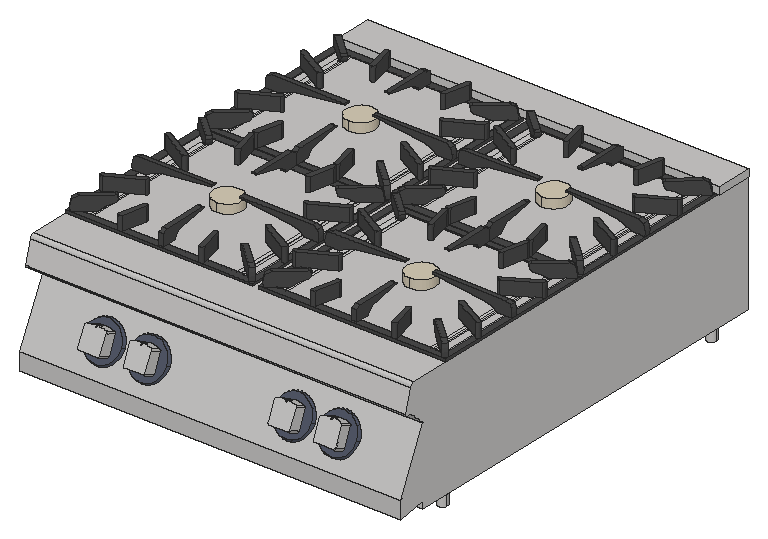
Revit family "QF_ZANUSSI_392003_Z9GCGH4S0M", category Specialty Equipment, Revit 2018 (continued)
Definition of nested family "QF_392003_BURNER"
  Lines and regions (mm)
    symbolic lines
      curve 88: line (45.799, -40, 150) -> (45.799, -15, 150)
      curve 89: line (45.799, -108.607, 150) -> (45.799, -40, 150)
      curve 90: line (15, -20.286, 0) -> (15, -91.684, 0)
      curve 91: line (15, -103.094, 0) -> (15, -170.397, 0)
      curve 92: line (45.799, -170.397, 150) -> (45.799, -120.018, 150)
      curve 93: line (45.799, -235.582, 150) -> (45.799, -180.397, 150)
      curve 94: line (15, -263.916, 150) -> (15, -335.314, 150)
      curve 95: line (45.799, -307.496, 150) -> (45.799, -246.993, 150)
      curve 96: line (116.378, -350.325, 0) -> (127.56, -301.889, 0)
      curve 97: arc (127.56, -301.889, 0) -> (123.813, -295.892, 0) -> (117.816, -299.64, 0) r 5
      curve 98: line (117.816, -299.64, 0) -> (106.634, -348.076, 0)
      curve 99: arc (106.634, -348.076, 0) -> (110.381, -354.072, 0) -> (116.378, -350.325, 0) r 5
      curve 100: line (266.14, -301.889, 0) -> (277.322, -350.325, 0)
      curve 101: arc (277.322, -350.325, 0) -> (283.319, -354.072, 0) -> (287.066, -348.076, 0) r 5
      curve 102: line (287.066, -348.076, 0) -> (275.884, -299.64, 0)
      curve 103: arc (275.884, -299.64, 0) -> (269.887, -295.892, 0) -> (266.14, -301.889, 0) r 5
      curve 104: line (275.884, -55.96, 0) -> (287.066, -7.524, 0)
      curve 105: arc (287.066, -7.524, 0) -> (283.319, -1.528, 0) -> (277.322, -5.275, 0) r 5
      curve 106: line (277.322, -5.275, 0) -> (266.14, -53.711, 0)
      curve 107: arc (266.14, -53.711, 0) -> (269.887, -59.708, 0) -> (275.884, -55.96, 0) r 5
      curve 108: line (127.56, -53.711, 0) -> (116.378, -5.275, 0)
      curve 109: arc (116.378, -5.275, 0) -> (110.381, -1.528, 0) -> (106.634, -7.524, 0) r 5
      curve 110: line (106.634, -7.524, 0) -> (117.816, -55.96, 0)
      curve 111: arc (117.816, -55.96, 0) -> (123.813, -59.708, 0) -> (127.56, -53.711, 0) r 5
  Dimensions and locks
    equal spacing: plane 3 "LEFT", plane 7 "Center Y", plane 4 "RIGHT"
    plane 3 "LEFT" to plane 4 "RIGHT" = 393.7 mm
    equal spacing: plane 5 "FRONT", plane 8 "Center X", plane 1 "BACK"
    plane 5 "FRONT" to plane 1 "BACK" = 355.6 mm
    plane 6 "TOP" to level = 908.85 mm
    plane 9 "Base" to level = 150 mm
    plane 6 "TOP" to plane 10 = 58 mm  (x2)
    locked: Extrusion 4 sketch curve to plane 7 "Center Y" at 0
    aligned and locked: level to plane 2
  Automatic sketch dimensions
    curve 10 to plane 4 "RIGHT" = 0 mm
    curve 20 to plane 7 "Center Y" = 0 mm
    curve 19 to plane 7 "Center Y" = 0 mm
    curve 9 to plane 3 "LEFT" = 0 mm
    plane 1 "BACK" to curve 2 = 0 mm
    plane 1 "BACK" to curve 3 = 0 mm
    plane 5 "FRONT" to curve 2 = 0 mm
    curve 4 to plane 4 "RIGHT" = 24.067 mm
    curve 59 to plane 4 "RIGHT" = 24.067 mm
    plane 1 "BACK" to curve 37 = 15 mm
    plane 7 "Center Y" to curve 37 = 52.075 mm
    curve 37 to curve 7 = 12.7 mm
    curve 7 to curve 35 = 6.35 mm
    plane 8 "Center X" to curve 15 = 2.35 mm
    curve 35 to curve 15 = 1.6 mm
    plane 7 "Center Y" to curve 23 = 16.236 mm
    curve 23 to curve 23 = 0 mm
    curve 23 to curve 23 = 2.56 mm
    curve 23 to curve 24 = 4.607 mm
    plane 7 "Center Y" to curve 86 = 5 mm
    plane 7 "Center Y" to curve 27 = 5 mm
    curve 22 to plane 7 "Center Y" = 8.531 mm
    curve 22 to curve 25 = 4.597 mm
    curve 25 to curve 25 = 2.194 mm  (x2)
    curve 9 to plane 8 "Center X" = 2.597 mm
    curve 17 to curve 9 = 24.626 mm
    curve 21 to curve 34 = 28.025 mm
    curve 34 to curve 6 = 6.35 mm
    plane 8 "Center X" to curve 36 = 7.403 mm
    curve 6 to curve 36 = 12.7 mm
    plane 3 "LEFT" to curve 12 = 45.799 mm
    plane 3 "LEFT" to curve 87 = 24.067 mm
    plane 3 "LEFT" to curve 5 = 24.067 mm
    plane 1 "BACK" to curve 26 = 0.794 mm
    curve 28 to curve 86 = 3.993 mm
    curve 28 to curve 21 = 3.993 mm
    curve 86 to curve 22 = 14.042 mm
    curve 22 to curve 24 = 0.81 mm
    curve 22 to curve 23 = 17.925 mm
    curve 25 to curve 22 = 3.035 mm
    plane 8 "Center X" to curve 26 = 43.244 mm
    curve 15 to curve 15 = 5.054 mm
    plane 8 "Center X" to curve 17 = 1.126 mm
    curve 94 to curve 12 = 5.286 mm
    curve 58 to plane 5 "FRONT" = 15 mm
    curve 59 to plane 5 "FRONT" = 15 mm
    curve 8 to plane 5 "FRONT" = 5.6 mm
    plane 3 "LEFT" to Extrusion 1 sketch curve = 0.709 mm
    plane 3 "LEFT" to Extrusion 1 sketch curve = 3.327 mm
    Extrusion 1 sketch curve to Extrusion 1 sketch curve = 10.201 mm
    plane 10 to Extrusion 1 sketch curve = 5 mm  (x2)
    Extrusion 1 sketch curve to Extrusion 1 sketch curve = 29.447 mm
    Extrusion 1 sketch curve to Extrusion 1 sketch curve = 12.704 mm  (x2)
    Extrusion 1 sketch curve to Extrusion 1 sketch curve = 15.555 mm  (x2)
    plane 3 "LEFT" to Extrusion 1 sketch curve = 79.689 mm
    Extrusion 1 sketch curve to plane 7 "Center Y" = 30.161 mm
    Extrusion 1 sketch curve to Extrusion 1 sketch curve = 0.167 mm  (x2)
    plane 7 "Center Y" to Extrusion 1 sketch curve = 29.994 mm
    Extrusion 1 sketch curve to plane 4 "RIGHT" = 79.689 mm
    plane 10 to Extrusion 1 sketch curve = 18.171 mm
    Extrusion 1 sketch curve to plane 4 "RIGHT" = 58.415 mm
    Extrusion 1 sketch curve to plane 4 "RIGHT" = 13.528 mm
    Extrusion 1 sketch curve to plane 4 "RIGHT" = 3.327 mm
    Extrusion 1 sketch curve to plane 4 "RIGHT" = 0.709 mm
    Extrusion 1 sketch curve to Extrusion 1 sketch curve = 23.902 mm  (x2)
    Extrusion 1 sketch curve to plane 6 "TOP" = 26.807 mm  (x2)
    Extrusion 1 sketch curve to Extrusion 1 sketch curve = 1.185 mm  (x2)
    Extrusion 1 sketch curve to Extrusion 1 sketch curve = 5.694 mm
    Extrusion 2 sketch curve to plane 1 "BACK" = 0 mm
    plane 1 "BACK" to Extrusion 2 sketch curve = 10.213 mm
    plane 10 to Extrusion 2 sketch curve = 5 mm  (x2)
    plane 1 "BACK" to Extrusion 2 sketch curve = 29.066 mm
    plane 10 to Extrusion 2 sketch curve = 20.886 mm
    Extrusion 2 sketch curve to Extrusion 2 sketch curve = 22.688 mm  (x2)
    Extrusion 2 sketch curve to plane 10 = 7.392 mm  (x2)
    Extrusion 2 sketch curve to plane 6 "TOP" = 24.425 mm
    Extrusion 2 sketch curve to Extrusion 2 sketch curve = 51.752 mm
    Extrusion 2 sketch curve to plane 6 "TOP" = 26.807 mm  (x2)
    Extrusion 2 sketch curve to Extrusion 2 sketch curve = 0.167 mm  (x2)
    Extrusion 2 sketch curve to plane 8 "Center X" = 68.528 mm
    Extrusion 2 sketch curve to plane 5 "FRONT" = 60.248 mm
    Extrusion 2 sketch curve to Extrusion 2 sketch curve = 2.895 mm
    Extrusion 2 sketch curve to plane 5 "FRONT" = 15.813 mm
    Extrusion 2 sketch curve to plane 5 "FRONT" = 5.6 mm
    Extrusion 2 sketch curve to Extrusion 2 sketch curve = 4.731 mm
    Extrusion 2 sketch curve to Extrusion 2 sketch curve = 23.844 mm
    Extrusion 2 sketch curve to Extrusion 2 sketch curve = 1.185 mm
    plane 1 "BACK" to Extrusion 3 sketch curve = 0 mm
    Extrusion 3 sketch curve to plane 3 "LEFT" = 0 mm
    plane 5 "FRONT" to Extrusion 3 sketch curve = 0 mm
    Extrusion 3 sketch curve to plane 4 "RIGHT" = 0 mm
    plane 1 "BACK" to Extrusion 3 sketch curve = 15 mm
    Extrusion 3 sketch curve to plane 5 "FRONT" = 15 mm
    plane 3 "LEFT" to Extrusion 3 sketch curve = 15 mm
    Extrusion 3 sketch curve to plane 4 "RIGHT" = 15 mm
    Extrusion 3 to Extrusion 4 sketch curve = 159.603 mm
    Extrusion 5 sketch curve to plane 10 = 0 mm
    plane 3 "LEFT" to Extrusion 5 sketch curve = 15 mm
    Extrusion 5 sketch curve to Extrusion 5 sketch curve = 14.402 mm
    plane 10 to Extrusion 5 sketch curve = 5 mm
    Extrusion 5 sketch curve to Extrusion 5 sketch curve = 15.156 mm
    plane 10 to Extrusion 5 sketch curve = 2.933 mm  (x3)
    Extrusion 5 sketch curve to Extrusion 5 sketch curve = 7.716 mm  (x2)
    Extrusion 5 sketch curve to Extrusion 5 sketch curve = 0 mm  (x3)
    Extrusion 5 sketch curve to Extrusion 5 sketch curve = 1.692 mm  (x2)
    Extrusion 5 sketch curve to Extrusion 5 sketch curve = 3.385 mm  (x2)
    Extrusion 5 sketch curve to plane 10 = 3.559 mm  (x2)
    plane 10 to Extrusion 5 sketch curve = 3.679 mm
    Extrusion 5 sketch curve to plane 4 "RIGHT" = 45.799 mm
    Extrusion 5 sketch curve to Extrusion 5 sketch curve = 1.143 mm
    Extrusion 5 sketch curve to plane 10 = 13.244 mm
    Extrusion 5 sketch curve to plane 4 "RIGHT" = 15 mm
    plane 10 to Extrusion 6 sketch curve = 5 mm  (x2)
    Extrusion 6 sketch curve to Extrusion 6 sketch curve = 2.692 mm  (x2)
    Extrusion 6 sketch curve to Extrusion 6 sketch curve = 10.213 mm  (x2)
    plane 10 to Extrusion 6 sketch curve = 12.281 mm
    Extrusion 6 sketch curve to Extrusion 6 sketch curve = 29.348 mm  (x2)
    Extrusion 6 sketch curve to Extrusion 6 sketch curve = 3.155 mm  (x2)
    Extrusion 6 sketch curve to Extrusion 6 sketch curve = 22.572 mm
    Extrusion 6 sketch curve to Extrusion 6 sketch curve = 8.81 mm
    Extrusion 6 sketch curve to Extrusion 6 sketch curve = 9.845 mm  (x2)
    Extrusion 6 sketch curve to Extrusion 6 sketch curve = 3.99 mm  (x2)
    Extrusion 6 sketch curve to Extrusion 6 sketch curve = 0 mm  (x2)
    Extrusion 6 sketch curve to Extrusion 6 sketch curve = 49.533 mm
    Extrusion 6 sketch curve to plane 10 = 64.377 mm
    Extrusion 6 sketch curve to Extrusion 6 sketch curve = 326.397 mm
    Extrusion 6 sketch curve to plane 6 "TOP" = 28.141 mm
    Extrusion 6 sketch curve to Extrusion 6 sketch curve = 16.281 mm
    Extrusion 6 sketch curve to Extrusion 6 sketch curve = 1.035 mm
    Extrusion 6 sketch curve to Extrusion 6 sketch curve = 19.417 mm
    Extrusion 6 sketch curve to Extrusion 6 sketch curve = 4.763 mm  (x2)
    Extrusion 6 sketch curve to Extrusion 6 sketch curve = 3.716 mm
    plane 10 to Extrusion 7 sketch curve = 5 mm  (x2)
    Extrusion 7 sketch curve to Extrusion 7 sketch curve = 2.692 mm  (x2)
    Extrusion 7 sketch curve to Extrusion 7 sketch curve = 10.213 mm  (x2)
    plane 10 to Extrusion 7 sketch curve = 12.281 mm
    Extrusion 7 sketch curve to Extrusion 7 sketch curve = 29.348 mm  (x2)
    Extrusion 7 sketch curve to Extrusion 7 sketch curve = 3.155 mm  (x2)
    Extrusion 7 sketch curve to Extrusion 7 sketch curve = 22.572 mm
    Extrusion 7 sketch curve to Extrusion 7 sketch curve = 8.81 mm
    Extrusion 7 sketch curve to Extrusion 7 sketch curve = 9.845 mm  (x2)
    Extrusion 7 sketch curve to Extrusion 7 sketch curve = 3.99 mm  (x2)
    Extrusion 7 sketch curve to Extrusion 7 sketch curve = 0 mm  (x2)
    Extrusion 7 sketch curve to Extrusion 7 sketch curve = 21.306 mm
    Extrusion 7 sketch curve to plane 10 = 64.377 mm  (x2)
    Extrusion 7 sketch curve to Extrusion 7 sketch curve = 326.397 mm
    Extrusion 7 sketch curve to plane 6 "TOP" = 28.141 mm
    Extrusion 7 sketch curve to Extrusion 7 sketch curve = 16.281 mm
    Extrusion 7 sketch curve to Extrusion 7 sketch curve = 1.035 mm
    Extrusion 7 sketch curve to Extrusion 7 sketch curve = 19.417 mm
    Extrusion 7 sketch curve to Extrusion 7 sketch curve = 7.281 mm
    Extrusion 7 sketch curve to Extrusion 7 sketch curve = 10.713 mm
    curve 58 to curve 12 = 72.824 mm
    curve 30 to curve 30 = 73.227 mm
    curve 58 to curve 5 = 10.263 mm
    curve 5 to curve 58 = 0 mm
    curve 59 to curve 30 = 10.263 mm
    curve 30 to curve 8 = 9.4 mm
    curve 31 to curve 32 = 0 mm
    curve 33 to curve 38 = 0 mm  (x2)
    curve 33 to curve 39 = 0 mm  (x2)
    curve 33 to curve 40 = 0 mm  (x2)
    plane 1 "BACK" to curve 41 = 0 mm
    curve 41 to plane 3 "LEFT" = 0 mm
    curve 31 to plane 7 "Center Y" = 0 mm
    curve 33 to plane 7 "Center Y" = 0 mm
    curve 41 to plane 4 "RIGHT" = 0 mm
    plane 3 "LEFT" to curve 76 = 1.326 mm
    plane 3 "LEFT" to curve 64 = 1.326 mm
    plane 3 "LEFT" to curve 44 = 2.995 mm
    plane 3 "LEFT" to curve 46 = 2.995 mm
    curve 43 to curve 43 = 2.408 mm
    curve 46 to curve 47 = 2.408 mm
    curve 47 to curve 47 = 2.408 mm
    curve 43 to curve 42 = 2.408 mm
    curve 76 to plane 5 "FRONT" = 0.514 mm
    plane 3 "LEFT" to curve 76 = 8.029 mm
    plane 1 "BACK" to curve 62 = 0.514 mm
    plane 3 "LEFT" to curve 62 = 8.029 mm
    curve 48 to curve 75 = 50.941 mm
    curve 43 to curve 63 = 50.941 mm
    curve 75 to curve 75 = 3.351 mm
    curve 63 to curve 63 = 3.351 mm
    plane 1 "BACK" to curve 62 = 52.383 mm
    curve 63 to curve 62 = 3.351 mm
    curve 74 to plane 5 "FRONT" = 52.383 mm
    curve 75 to curve 74 = 3.351 mm
    plane 3 "LEFT" to curve 46 = 65.629 mm
    plane 3 "LEFT" to curve 44 = 65.629 mm
    curve 45 to curve 45 = 2.408 mm
    curve 46 to curve 49 = 2.408 mm
    curve 49 to curve 48 = 2.408 mm
    curve 45 to curve 42 = 2.408 mm
    curve 38 to plane 8 "Center X" = 2.597 mm
    curve 38 to plane 7 "Center Y" = 51.172 mm
    curve 33 to plane 8 "Center X" = 2.597 mm
    curve 38 to curve 33 = 12.999 mm
    curve 33 to plane 7 "Center Y" = 5 mm
    curve 38 to plane 7 "Center Y" = 5 mm
    curve 31 to curve 33 = 0 mm
    plane 7 "Center Y" to curve 32 = 5 mm
    plane 7 "Center Y" to curve 40 = 5 mm
    curve 39 to curve 32 = 0 mm
    curve 39 to plane 8 "Center X" = 2.597 mm
    plane 7 "Center Y" to curve 39 = 38.172 mm
    curve 40 to plane 8 "Center X" = 2.704 mm
    curve 39 to curve 40 = 12.979 mm
    curve 50 to plane 4 "RIGHT" = 70.445 mm
    curve 57 to plane 4 "RIGHT" = 70.445 mm
    curve 50 to curve 53 = 2.408 mm
    curve 57 to curve 57 = 2.408 mm  (x2)
    curve 53 to curve 53 = 2.408 mm
    curve 71 to curve 71 = 3.351 mm
    curve 67 to curve 67 = 3.351 mm
    curve 71 to curve 69 = 3.351 mm
    curve 67 to curve 65 = 3.351 mm
    curve 60 to plane 4 "RIGHT" = 15 mm
    curve 72 to plane 5 "FRONT" = 0.514 mm
    curve 72 to plane 4 "RIGHT" = 8.029 mm
    plane 1 "BACK" to curve 68 = 0.514 mm
    curve 68 to plane 4 "RIGHT" = 8.029 mm
    curve 50 to plane 4 "RIGHT" = 7.81 mm
    curve 55 to plane 4 "RIGHT" = 7.81 mm
    curve 55 to curve 55 = 2.408 mm
    curve 50 to curve 51 = 2.408 mm
    curve 55 to plane 4 "RIGHT" = 2.995 mm
    curve 51 to plane 4 "RIGHT" = 2.995 mm
    curve 69 to plane 4 "RIGHT" = 1.326 mm
    curve 65 to plane 4 "RIGHT" = 1.326 mm
    curve 72 to plane 5 "FRONT" = 7.935 mm
    curve 60 to plane 5 "FRONT" = 20.286 mm
    curve 71 to curve 56 = 27.93 mm
    curve 73 to curve 48 = 27.93 mm
    curve 47 to curve 47 = 4.382 mm
    curve 55 to curve 55 = 4.382 mm
    curve 56 to plane 8 "Center X" = 55.651 mm
    curve 48 to plane 8 "Center X" = 55.651 mm
    curve 57 to curve 57 = 4.382 mm
    curve 49 to curve 49 = 4.382 mm
    curve 40 to plane 8 "Center X" = 44.773 mm
    curve 39 to curve 32 = 4.818 mm
    plane 8 "Center X" to curve 31 = 2.403 mm
    plane 8 "Center X" to curve 45 = 46.886 mm
    plane 8 "Center X" to curve 52 = 46.886 mm
    curve 53 to curve 53 = 4.382 mm
    curve 45 to curve 45 = 4.382 mm
    curve 53 to curve 52 = 34.416 mm
    curve 44 to curve 61 = 36.694 mm
    curve 43 to curve 43 = 4.382 mm
    curve 51 to curve 51 = 4.382 mm
    curve 51 to curve 65 = 27.93 mm
    plane 1 "BACK" to curve 83 = 20.286 mm
    plane 1 "BACK" to curve 88 = 15 mm
    plane 1 "BACK" to curve 77 = 15 mm
    curve 77 to curve 83 = 30.799 mm
    curve 78 to plane 5 "FRONT" = 15 mm
    curve 80 to curve 71 = 7.989 mm
    curve 78 to curve 60 = 30.799 mm
    curve 78 to curve 80 = 13.475 mm
    curve 55 to curve 79 = 10.979 mm
    curve 82 to curve 57 = 6.514 mm
    curve 80 to curve 78 = 0 mm
    curve 80 to curve 82 = 11.41 mm
    curve 77 to curve 66 = 37.77 mm
    curve 60 to curve 79 = 11.41 mm
    plane 8 "Center X" to curve 81 = 7.403 mm
    plane 8 "Center X" to curve 84 = 7.403 mm
    curve 82 to plane 8 "Center X" = 2.597 mm
    curve 82 to curve 84 = 0 mm
    curve 79 to plane 8 "Center X" = 2.597 mm
    curve 79 to curve 81 = 0 mm
    curve 81 to curve 51 = 10.979 mm
    curve 53 to curve 85 = 17.924 mm
    curve 84 to curve 81 = 30.799 mm
    curve 84 to curve 85 = 11.41 mm
    curve 52 to curve 84 = 19.83 mm
    curve 81 to curve 83 = 11.41 mm
    curve 67 to curve 85 = 7.989 mm
    curve 85 to curve 77 = 0 mm
    curve 85 to curve 77 = 13.475 mm
    curve 86 to curve 37 = 26.152 mm
    curve 4 to curve 86 = 10.263 mm
    curve 86 to curve 4 = 0 mm
    curve 36 to curve 21 = 26.152 mm
    curve 88 to curve 88 = 25 mm
    plane 8 "Center X" to curve 89 = 69.193 mm
    curve 43 to curve 90 = 9.597 mm
    curve 43 to curve 90 = 0.432 mm
    plane 1 "BACK" to curve 90 = 20.286 mm
    curve 93 to plane 8 "Center X" = 2.597 mm
    plane 8 "Center X" to curve 91 = 7.403 mm
    curve 95 to plane 8 "Center X" = 69.193 mm
    curve 93 to curve 94 = 28.333 mm
    curve 95 to curve 12 = 33.104 mm
    curve 21 to curve 87 = 10.263 mm
    curve 87 to curve 21 = 0 mm
    curve 91 to curve 90 = 11.41 mm
    curve 89 to curve 87 = 21.732 mm
    curve 89 to curve 92 = 11.41 mm
    curve 92 to curve 89 = 0 mm
    plane 8 "Center X" to curve 92 = 7.403 mm
    curve 91 to curve 90 = 0 mm
    curve 93 to curve 95 = 0 mm
    curve 93 to curve 95 = 11.41 mm
    curve 11 to curve 94 = 0 mm
    curve 11 to curve 94 = 11.41 mm
    curve 95 to curve 11 = 30.799 mm
    curve 95 to curve 12 = 13.475 mm
    plane 3 "LEFT" to curve 95 = 45.799 mm
    curve 95 to curve 5 = 33.104 mm
    Extrusion 8 sketch curve to Extrusion 3 = 5.275 mm  (x2)
    Extrusion 8 sketch curve to Extrusion 8 sketch curve = 1.125 mm  (x16)
    Extrusion 3 to Extrusion 8 sketch curve = 38.711 mm  (x2)
    Extrusion 8 sketch curve to Extrusion 3 = 7.19 mm  (x3)
    Extrusion 3 to Extrusion 8 sketch curve = 72.734 mm  (x2)
    Extrusion 8 sketch curve to Extrusion 8 sketch curve = 4.382 mm  (x16)
    Extrusion 8 sketch curve to Extrusion 3 = 2.995 mm  (x4)
    Extrusion 8 sketch curve to Extrusion 8 sketch curve = 34.416 mm  (x4)
    Extrusion 3 to Extrusion 8 sketch curve = 50.629 mm  (x3)
    Extrusion 8 sketch curve to Extrusion 8 sketch curve = 93.773 mm  (x2)
    Extrusion 3 to Extrusion 8 sketch curve = 40.96 mm  (x2)
    Extrusion 8 sketch curve to Extrusion 3 = 7.476 mm  (x2)
    Extrusion 8 sketch curve to Extrusion 8 sketch curve = 2.408 mm  (x4)
    Extrusion 3 to Extrusion 8 sketch curve = 91.634 mm  (x2)
    Extrusion 8 sketch curve to Extrusion 8 sketch curve = 4.872 mm  (x8)
    Extrusion 8 sketch curve to Extrusion 8 sketch curve = 11.182 mm  (x4)
    Extrusion 3 to Extrusion 8 sketch curve = 112.56 mm
    Extrusion 8 sketch curve to Extrusion 8 sketch curve = 61.931 mm
    Extrusion 3 to Extrusion 8 sketch curve = 55.445 mm
    Extrusion 8 sketch curve to Extrusion 8 sketch curve = 4.816 mm
    curve 67 to curve 85 = 19.656 mm
    curve 71 to curve 80 = 19.656 mm
    curve 99 to plane 5 "FRONT" = 7.524 mm
    curve 74 to curve 99 = 41.179 mm
    curve 98 to curve 99 = 4.872 mm
    curve 96 to plane 5 "FRONT" = 5.275 mm
    curve 99 to curve 96 = 4.872 mm
    curve 99 to curve 98 = 11.182 mm
    curve 98 to curve 97 = 4.872 mm
    curve 96 to plane 5 "FRONT" = 53.711 mm
    curve 97 to curve 96 = 4.872 mm
    curve 97 to curve 97 = 1.125 mm
    curve 103 to curve 70 = 62.105 mm
    curve 103 to curve 103 = 4.872 mm  (x2)
    curve 100 to plane 5 "FRONT" = 5.275 mm
    curve 100 to curve 100 = 11.182 mm
    curve 101 to curve 101 = 4.872 mm
    curve 102 to plane 5 "FRONT" = 7.524 mm
    curve 101 to curve 102 = 4.872 mm
    curve 100 to curve 100 = 48.436 mm
    curve 103 to curve 103 = 1.125 mm
    curve 106 to curve 67 = 62.105 mm
    curve 107 to curve 107 = 4.872 mm
    plane 1 "BACK" to curve 104 = 55.96 mm
    curve 107 to curve 104 = 4.872 mm
    plane 1 "BACK" to curve 105 = 5.275 mm
    curve 107 to curve 105 = 11.182 mm
    curve 105 to curve 105 = 4.872 mm  (x2)
    curve 107 to curve 107 = 1.125 mm
    plane 1 "BACK" to curve 104 = 7.524 mm
    plane 1 "BACK" to curve 109 = 7.524 mm
    curve 62 to curve 109 = 41.179 mm
    curve 109 to curve 109 = 4.872 mm
    plane 1 "BACK" to curve 108 = 5.275 mm
    curve 109 to curve 108 = 4.872 mm
    curve 110 to curve 111 = 11.182 mm
    curve 110 to curve 111 = 4.872 mm
    plane 1 "BACK" to curve 108 = 53.711 mm
    curve 111 to curve 108 = 4.872 mm
    curve 111 to curve 108 = 2.25 mm
    radius of Extrusion 4 sketch curve = 30 mm
